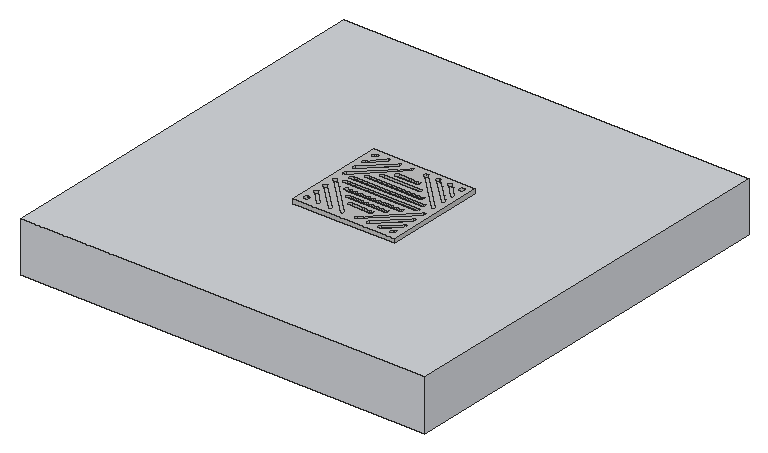
Revit family
Parameters (values of type "DBA Acoustical Panel")
  URL = "www.acousticalsurfaces.com"
  Type Comments = "Sound Blocking, Sound Absorption and Sound Diffusion"
  Model = "dBA Acoustical Panel"
  Manufacturer = "Acoustical Surfaces "
  Keynote = ""
  Default Elevation = 4' - 0"
  Dba Acoustical Panel = PEPP Panel
Reference planes (in)
  plane 1 "Center (Front/Back)": y = 0
  plane 2: z = 0
  plane 3 "Center (Left/Right)": x = 0
Forms (in)
  Extrusion 1, solid
    sketch origin (0, 0, 0) x (1, 0, 0) y (0, 1, 0)
      loop
        line (-48, 48) -> (-48, -48) -> (48, -48) -> (48, 48) -> (-48, 48)
    from 0 to -12
  Extrusion 2, solid, material "PEPP Panel White"
    sketch origin (0, 0, 0) x (1, 0, 0) y (0, 1, 0)
      loop
        line (-12, 12) -> (-12, -12) -> (12, -12) -> (12, 12) -> (-12, 12)
    from 0 to 1
  Extrusion 3, void
    sketch origin (0, 0, -1) x (1, 0, 0) y (0, 1, 0)
      loop
        line (-6.5, 2.5) -> (6.5, 2.5)
        arc (6.5, 2.5) -> (7, 3) -> (6.5, 3.5) r 0.5
        line (6.5, 3.5) -> (-6.5, 3.5)
        arc (-6.5, 3.5) -> (-7, 3) -> (-6.5, 2.5) r 0.5
      loop
        arc (8.5, 0.5) -> (9, 1) -> (8.5, 1.5) r 0.5
        line (8.5, 1.5) -> (-8.5, 1.5)
        arc (-8.5, 1.5) -> (-9, 1) -> (-8.5, 0.5) r 0.5
        line (-8.5, 0.5) -> (8.5, 0.5)
      loop
        line (-4.5, 4.5) -> (4.5, 4.5)
        arc (4.5, 4.5) -> (5, 5) -> (4.5, 5.5) r 0.5
        line (4.5, 5.5) -> (-4.5, 5.5)
        arc (-4.5, 5.5) -> (-5, 5) -> (-4.5, 4.5) r 0.5
      loop
        line (-2.5, 6.5) -> (2.5, 6.5)
        arc (2.5, 6.5) -> (3, 7) -> (2.5, 7.5) r 0.5
        line (2.5, 7.5) -> (-2.5, 7.5)
        arc (-2.5, 7.5) -> (-3, 7) -> (-2.5, 6.5) r 0.5
      loop
        arc (-1.3934, 9.89949) -> (-1.3934, 10.6066) -> (-2.10051, 10.6066) r 0.5
        line (-2.10051, 10.6066) -> (-10.76256, 1.94454)
        arc (-10.76256, 1.94454) -> (-10.76256, 1.23744) -> (-10.05546, 1.23744) r 0.5
        line (-10.05546, 1.23744) -> (-1.3934, 9.89949)
      loop
        arc (-4.22183, 9.89949) -> (-4.22183, 10.6066) -> (-4.92893, 10.6066) r 0.5
        line (-4.92893, 10.6066) -> (-10.76256, 4.77297)
        arc (-10.76256, 4.77297) -> (-10.76256, 4.06586) -> (-10.05546, 4.06586) r 0.5
        line (-10.05546, 4.06586) -> (-4.22183, 9.89949)
      loop
        arc (-7.05025, 9.89949) -> (-7.05025, 10.6066) -> (-7.75736, 10.6066) r 0.5
        line (-7.75736, 10.6066) -> (-10.76256, 7.6014)
        arc (-10.76256, 7.6014) -> (-10.76256, 6.89429) -> (-10.05546, 6.89429) r 0.5
        line (-10.05546, 6.89429) -> (-7.05025, 9.89949)
      loop
        arc (-9.87868, 9.89949) -> (-9.87868, 10.6066) -> (-10.58579, 10.6066) r 0.5
        line (-10.58579, 10.6066) -> (-10.76256, 10.42983)
        arc (-10.76256, 10.42983) -> (-10.76256, 9.72272) -> (-10.05546, 9.72272) r 0.5
        line (-10.05546, 9.72272) -> (-9.87868, 9.89949)
      loop
        arc (-6.5, -2.5) -> (-7, -3) -> (-6.5, -3.5) r 0.5
        line (-6.5, -3.5) -> (6.5, -3.5)
        arc (6.5, -3.5) -> (7, -3) -> (6.5, -2.5) r 0.5
        line (6.5, -2.5) -> (-6.5, -2.5)
      loop
        line (8.5, -0.5) -> (-8.5, -0.5)
        arc (-8.5, -0.5) -> (-9, -1) -> (-8.5, -1.5) r 0.5
        line (-8.5, -1.5) -> (8.5, -1.5)
        arc (8.5, -1.5) -> (9, -1) -> (8.5, -0.5) r 0.5
      loop
        arc (-4.5, -4.5) -> (-5, -5) -> (-4.5, -5.5) r 0.5
        line (-4.5, -5.5) -> (4.5, -5.5)
        arc (4.5, -5.5) -> (5, -5) -> (4.5, -4.5) r 0.5
        line (4.5, -4.5) -> (-4.5, -4.5)
      loop
        arc (-2.5, -6.5) -> (-3, -7) -> (-2.5, -7.5) r 0.5
        line (-2.5, -7.5) -> (2.5, -7.5)
        arc (2.5, -7.5) -> (3, -7) -> (2.5, -6.5) r 0.5
        line (2.5, -6.5) -> (-2.5, -6.5)
      loop
        line (-1.3934, -9.89949) -> (-10.05546, -1.23744)
        arc (-10.05546, -1.23744) -> (-10.76256, -1.23744) -> (-10.76256, -1.94454) r 0.5
        line (-10.76256, -1.94454) -> (-2.10051, -10.6066)
        arc (-2.10051, -10.6066) -> (-1.3934, -10.6066) -> (-1.3934, -9.89949) r 0.5
      loop
        line (-4.22183, -9.89949) -> (-10.05546, -4.06586)
        arc (-10.05546, -4.06586) -> (-10.76256, -4.06586) -> (-10.76256, -4.77297) r 0.5
        line (-10.76256, -4.77297) -> (-4.92893, -10.6066)
        arc (-4.92893, -10.6066) -> (-4.22183, -10.6066) -> (-4.22183, -9.89949) r 0.5
      loop
        line (-7.05025, -9.89949) -> (-10.05546, -6.89429)
        arc (-10.05546, -6.89429) -> (-10.76256, -6.89429) -> (-10.76256, -7.6014) r 0.5
        line (-10.76256, -7.6014) -> (-7.75736, -10.6066)
        arc (-7.75736, -10.6066) -> (-7.05025, -10.6066) -> (-7.05025, -9.89949) r 0.5
      loop
        line (-9.87868, -9.89949) -> (-10.05546, -9.72272)
        arc (-10.05546, -9.72272) -> (-10.76256, -9.72272) -> (-10.76256, -10.42983) r 0.5
        line (-10.76256, -10.42983) -> (-10.58579, -10.6066)
        arc (-10.58579, -10.6066) -> (-9.87868, -10.6066) -> (-9.87868, -9.89949) r 0.5
      loop
        line (1.3934, 9.89949) -> (10.05546, 1.23744)
        arc (10.05546, 1.23744) -> (10.76256, 1.23744) -> (10.76256, 1.94454) r 0.5
        line (10.76256, 1.94454) -> (2.10051, 10.6066)
        arc (2.10051, 10.6066) -> (1.3934, 10.6066) -> (1.3934, 9.89949) r 0.5
      loop
        line (4.22183, 9.89949) -> (10.05546, 4.06586)
        arc (10.05546, 4.06586) -> (10.76256, 4.06586) -> (10.76256, 4.77297) r 0.5
        line (10.76256, 4.77297) -> (4.92893, 10.6066)
        arc (4.92893, 10.6066) -> (4.22183, 10.6066) -> (4.22183, 9.89949) r 0.5
      loop
        line (7.05025, 9.89949) -> (10.05546, 6.89429)
        arc (10.05546, 6.89429) -> (10.76256, 6.89429) -> (10.76256, 7.6014) r 0.5
        line (10.76256, 7.6014) -> (7.75736, 10.6066)
        arc (7.75736, 10.6066) -> (7.05025, 10.6066) -> (7.05025, 9.89949) r 0.5
      loop
        line (9.87868, 9.89949) -> (10.05546, 9.72272)
        arc (10.05546, 9.72272) -> (10.76256, 9.72272) -> (10.76256, 10.42983) r 0.5
        line (10.76256, 10.42983) -> (10.58579, 10.6066)
        arc (10.58579, 10.6066) -> (9.87868, 10.6066) -> (9.87868, 9.89949) r 0.5
      loop
        arc (1.3934, -9.89949) -> (1.3934, -10.6066) -> (2.10051, -10.6066) r 0.5
        line (2.10051, -10.6066) -> (10.76256, -1.94454)
        arc (10.76256, -1.94454) -> (10.76256, -1.23744) -> (10.05546, -1.23744) r 0.5
        line (10.05546, -1.23744) -> (1.3934, -9.89949)
      loop
        arc (4.22183, -9.89949) -> (4.22183, -10.6066) -> (4.92893, -10.6066) r 0.5
        line (4.92893, -10.6066) -> (10.76256, -4.77297)
        arc (10.76256, -4.77297) -> (10.76256, -4.06586) -> (10.05546, -4.06586) r 0.5
        line (10.05546, -4.06586) -> (4.22183, -9.89949)
      loop
        arc (7.05025, -9.89949) -> (7.05025, -10.6066) -> (7.75736, -10.6066) r 0.5
        line (7.75736, -10.6066) -> (10.76256, -7.6014)
        arc (10.76256, -7.6014) -> (10.76256, -6.89429) -> (10.05546, -6.89429) r 0.5
        line (10.05546, -6.89429) -> (7.05025, -9.89949)
      loop
        arc (9.87868, -9.89949) -> (9.87868, -10.6066) -> (10.58579, -10.6066) r 0.5
        line (10.58579, -10.6066) -> (10.76256, -10.42983)
        arc (10.76256, -10.42983) -> (10.76256, -9.72272) -> (10.05546, -9.72272) r 0.5
        line (10.05546, -9.72272) -> (9.87868, -9.89949)
    from 1.51681 to 2
Cuts and joins
  Extrusion 3 cuts Extrusion 2
Dimensions and locks (in)
  aligned and locked: plane 2 to Extrusion 1
  aligned and locked: level to Extrusion 1
